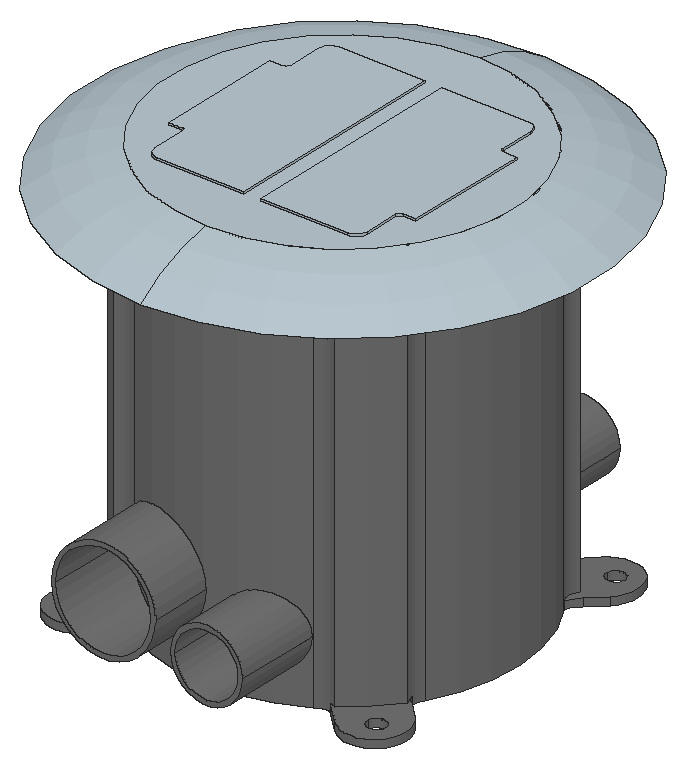
Revit family "Electrical_Equipment-Floor_Box-Hubbell_Wiring-System_One-S1PFB", category Electrical Fixtures, host Face, Revit 2015
Parameters (values of type "Non-Metallic")
  Voltage = 120 V
  URL = "http://www.hubbell-wiring.com/"
  Subplate = Subplate : Abandonment Plate
  Product data url = "https://bimobject.com/hubbellwiring/product/systemone-s1pfb"
  Product Page URL = "http://ecatalog.hubbell-wiring.com/ProductInformation/ViewCatalog.aspx?Dest=hubbell-wiring.com/press/catalog/m.pdf"
  Product Documentation Link = "http://ecatalog.hubbell-wiring.com/ProductInformation/ViewCatalog.aspx?Dest=hubbell-wiring.com/press/catalog/m.pdf"
  Power Factor = 1
  Number of Poles = 1
  Model = "S1PFB"
  Manufacturer = "Hubbell-Wiring"  # constant formula
  Load Classification = Power
  Hardware Material = Metal-Hubbell-Non-Metallic
  Electrical Connector Description = "Power Connector"
  Description = "System One - 4\" Floor Box"
  Default Elevation = 0' - 0"
  Cover Material = Metal-Hubbell-Aluminum
  Conduit Connector 4 Description = "Data Conduit Connector 2"
  Conduit Connector 3 Description = "Data Conduit Connector 1"
  Conduit Connector 2 Description = "Power Conduit Connector 2"
  Conduit Connector 1 Description = "Power Conduit Connector 1"
  Assembly Code = "D5020115"
  Apparent Load = 4800 VA
Reference planes (in)
  plane 1 "Center (Front/Back)": y = 0
  plane 2: z = 0
  plane 3 "Center (Left/Right)": x = 0
  plane 4: y = 4
  plane 5: y = -4
Forms (in)
  Extrusion 1, solid, detail levels coarse
    sketch origin (0, 0, 0) x (1, 0, 0) y (0, 1, 0)
      loop
        circle (0, 0) r 4
    from 0.57962 to -5.96
Lines and regions (in)
  symbolic lines
    curve 1: circle (0, 0, 0) r 4 normal (0, 0, 1)
  symbolic lines, detail levels coarse
    curve 2: line (0, 4, 0.57962) -> (0, 4, -5.96)
    curve 3: line (0, 4, 0.57962) -> (0, -4, 0.57962)
    curve 4: line (0, -4, -5.96) -> (0, 4, -5.96)
    curve 5: line (0, -4, 0.57962) -> (0, -4, -5.96)
    curve 6: line (4, 0, 0.57962) -> (-4, 0, 0.57962)
    curve 7: line (4, 0, -5.96) -> (4, 0, 0.57962)
    curve 8: line (-4, 0, -5.96) -> (4, 0, -5.96)
    curve 9: line (-4, 0, 0.57962) -> (-4, 0, -5.96)
Dimensions and locks (in)
  aligned and locked: plane 2 to host face
  aligned and locked: level to host face
  aligned and locked: Extrusion 1 sketch curve to curve 1
  aligned and locked: curve 3 to Extrusion 1
  aligned and locked: curve 4 to Extrusion 1
  aligned and locked: curve 6 to Extrusion 1
  aligned and locked: curve 7 to Extrusion 1
  aligned and locked: curve 8 to Extrusion 1
  aligned and locked: curve 9 to Extrusion 1
  aligned and locked: level to nested 1
  aligned and locked: plane 1 "Center (Front/Back)" to nested 1
  aligned and locked: plane 3 "Center (Left/Right)" to nested 1
  aligned and locked: level to nested 2
  aligned and locked: plane 1 "Center (Front/Back)" to nested 2
  aligned and locked: Extrusion 1 to nested 2
  aligned and locked: Extrusion 1 to nested 1
  aligned and locked: plane 3 "Center (Left/Right)" to nested 2
  aligned and locked: curve 5 to plane 5
Nested families (in)
  nested 1: "Poke Through Cover" at (0, 0, 0), type "6Cover", detail levels medium+fine
  nested 2: "Floor Box" at (0, 0, -5.96), type "Floor Box", detail levels medium+fine
Connectors (in)
  cabletrayconduit at (-0.8198, -3.71661, -4.62), diameter 1.5, driven by "Conduit Connector 3 Description"
    settings: on nested 2, index 1, connector width 1' - 0", connector height 1' - 0", connector angle 0.00°, system type 32, placement type 0, profile type 0, connector reference index -1, is primary connector yes, connector utility param no, connector description "Data Conduit Connector 1"
  cabletrayconduit at (0.81574, -3.71661, -4.96), diameter 1, driven by "Conduit Connector 1 Description"
    settings: on nested 2, index 2, connector width 1' - 0", connector height 1' - 0", connector angle 0.00°, system type 32, placement type 0, profile type 0, connector reference index -1, is primary connector no, connector utility param no, connector description "Power Conduit Connector 1"
  cabletrayconduit at (0.81574, 3.75154, -4.96), diameter 1, driven by "Conduit Connector 2 Description"
    settings: on nested 2, index 3, connector width 1' - 0", connector height 1' - 0", connector angle 0.00°, system type 32, placement type 0, profile type 0, connector reference index -1, is primary connector no, connector utility param no, connector description "Power Conduit Connector 2"
  cabletrayconduit at (-0.8198, 3.75154, -4.62), diameter 1.5, driven by "Conduit Connector 4 Description"
    settings: on nested 2, index 4, connector width 1' - 0", connector height 1' - 0", connector angle 0.00°, system type 32, placement type 0, profile type 0, connector reference index -1, is primary connector no, connector utility param no, connector description "Data Conduit Connector 2"
  electrical at (0.00503, 0.02044, -5.96), driven by "Number of Poles", driven by "Load Classification", driven by "Voltage", driven by "Apparent Load", driven by "Power Factor", driven by "Electrical Connector Description"
    settings: on nested 2, index 5, voltage 120 V, apparent load 0 VA, apparent load phase1 4800 VA, apparent load phase2 0 VA, apparent load phase3 0 VA, power factor 1, load classification "Power", number of poles 1, system type 31, power factor state 1, is connector primary yes, connector utility no, sub classification motor no, connector description "Power Connector"
Definition of nested family "Poke Through Cover"
  Parameters
    Cover Material = none
    Assembly Code = ""
  Reference planes (in)
    plane 1 "Center (Front/Back)": y = 0
    plane 2: z = 0
    plane 3 "Center (Left/Right)": x = 0
    plane 4: z = -1.15491
    plane 5: z = 0.55
    plane 6: y = 3.45
  Forms (in)
    Revolve 1, solid, material <- "Cover Material", detail levels medium+fine
      sketch origin (0, 0, 0) x (0, 1, 0) y (0, 0, 1)
        loop
          arc (4, 0) -> (3.39097, 0.35613) -> (2.71262, 0.55) r 2.82079
          line (2.71262, 0.55) -> (2.71262, -0.5) -> (2.83302, -0.5) -> (2.83302, 0) -> (4, 0)
        axis (0, 0.55) -> (0, -0.5)
      angle from 0 to 360
    Extrusion 2, solid, material <- "Cover Material", detail levels medium+fine
      sketch origin (0, 0, 0) x (1, 0, 0) y (0, 1, 0)
        loop
          circle (0, 0) r 2.71262
      from 0 to 0.55
    Extrusion 3, solid, material <- "Cover Material", detail levels medium+fine
      sketch origin (0, 0, 0) x (1, 0, 0) y (0, 1, 0)
        loop
          arc (-1.68265, 1.06374) -> (-1.70167, 1.01867) -> (-1.74674, 0.99993) r 0.06374
          line (-1.74674, 0.99993) -> (-1.953, 0.99993) -> (-1.953, -1) -> (-1.74674, -1)
          arc (-1.74674, -1) -> (-1.70167, -1.01867) -> (-1.683, -1.06374) r 0.06374
          line (-1.683, -1.06374) -> (-1.68265, -1.61444)
          arc (-1.68265, -1.61444) -> (-1.63367, -1.73808) -> (-1.51331, -1.79465) r 0.18056
          line (-1.51331, -1.79465) -> (-0.133, -1.79465) -> (-0.133, 1.795) -> (-1.50209, 1.795)
          arc (-1.50209, 1.795) -> (-1.62977, 1.74211) -> (-1.68265, 1.61444) r 0.18056
          line (-1.68265, 1.61444) -> (-1.68265, 1.06374)
      from 0.55 to 0.57962
    Extrusion 4, solid, material <- "Cover Material", detail levels medium+fine
      sketch origin (0, 0, 0) x (-1, 0, 0) y (0, -1, 0)
        loop
          line (-1.68265, -1.06374) -> (-1.68265, -1.61444)
          arc (-1.68265, -1.61444) -> (-1.62977, -1.74211) -> (-1.50209, -1.795) r 0.18056
          line (-1.50209, -1.795) -> (-0.133, -1.795) -> (-0.133, 1.79465) -> (-1.51331, 1.79465)
          arc (-1.51331, 1.79465) -> (-1.63367, 1.73808) -> (-1.68265, 1.61444) r 0.18056
          line (-1.68265, 1.61444) -> (-1.683, 1.06374)
          arc (-1.683, 1.06374) -> (-1.70167, 1.01867) -> (-1.74674, 1) r 0.06374
          line (-1.74674, 1) -> (-1.953, 1) -> (-1.953, -0.99993) -> (-1.74674, -0.99993)
          arc (-1.74674, -0.99993) -> (-1.70167, -1.01867) -> (-1.68265, -1.06374) r 0.06374
      from 0.55 to 0.57962
  Cuts and joins
    joined: Revolve 1, Extrusion 2
  Lines and regions (in)
    Masking region 1
      outline origin (0, 0, 0) x (1, 0, 0) y (0, 1, 0)
        loop
          circle (0, 0) r 4
    symbolic lines, detail levels medium+fine
      curve 1: circle (0, 0, 0) r 2.71262 normal (0, 0, 1)
    symbolic lines, detail levels fine
      curve 2: line (-1.68265, 1.61444, 0) -> (-1.68265, 1.06374, 0)
      curve 3: arc (-1.683, 1.06374, 0) -> (-1.70167, 1.01867, 0) -> (-1.74674, 1, 0) r 0.06374
      curve 4: line (-1.74674, 0.99993, 0) -> (-1.953, 0.99993, 0)
      curve 5: line (-1.953, 0.99993, 0) -> (-1.953, -1, 0)
      curve 6: line (-1.953, -1, 0) -> (-1.74674, -1, 0)
      curve 7: arc (-1.74674, -1, 0) -> (-1.70167, -1.01867, 0) -> (-1.683, -1.06374, 0) r 0.06374
      curve 8: line (-1.683, -1.06374, 0) -> (-1.683, -1.61444, 0)
      curve 9: arc (-1.68265, -1.61444, 0) -> (-1.63367, -1.73808, 0) -> (-1.51331, -1.79465, 0) r 0.18056
      curve 10: line (-1.51331, -1.79465, 0) -> (-0.133, -1.79465, 0)
      curve 11: line (-0.133, -1.79465, 0) -> (-0.133, 1.795, 0)
      curve 12: line (-0.133, 1.795, 0) -> (-1.50209, 1.795, 0)
      curve 13: arc (-1.50209, 1.795, 0) -> (-1.62977, 1.74211, 0) -> (-1.68265, 1.61444, 0) r 0.18056
      curve 14: line (1.50209, 1.795, 0) -> (0.133, 1.795, 0)
      curve 15: line (0.133, 1.795, 0) -> (0.133, -1.79465, 0)
      curve 16: line (0.133, -1.79465, 0) -> (1.51331, -1.79465, 0)
      curve 17: arc (1.51331, -1.79465, 0) -> (1.63367, -1.73808, 0) -> (1.68265, -1.61444, 0) r 0.18056
      curve 18: line (1.683, -1.61444, 0) -> (1.683, -1.06374, 0)
      curve 19: arc (1.683, -1.06374, 0) -> (1.70167, -1.01867, 0) -> (1.74674, -1, 0) r 0.06374
      curve 20: line (1.74674, -1, 0) -> (1.953, -1, 0)
      curve 21: line (1.953, -1, 0) -> (1.953, 0.99993, 0)
      curve 22: line (1.953, 0.99993, 0) -> (1.74674, 0.99993, 0)
      curve 23: arc (1.74674, 1, 0) -> (1.70167, 1.01867, 0) -> (1.683, 1.06374, 0) r 0.06374
      curve 24: line (1.68265, 1.06374, 0) -> (1.68265, 1.61444, 0)
      curve 25: arc (1.68265, 1.61444, 0) -> (1.62977, 1.74211, 0) -> (1.50209, 1.795, 0) r 0.18056
  Dimensions and locks (in)
    plane 5 to level = 0' - 0.55"
    aligned and locked: plane 2 to level
    aligned and locked: Masking region 1 sketch curve to cut or joined group of Revolve 1, Extrusion 2
Definition of nested family "Floor Box"
  Parameters
    Hardware Material = none
    Assembly Code = ""
  Reference planes (in)
    plane 1 "Center (Front/Back)": y = 0
    plane 2: z = 0
    plane 3 "Center (Left/Right)": x = 0
    plane 4: z = 1
    plane 5: z = 1.34
  Forms (in)
    Extrusion 1, solid, material <- "Hardware Material", detail levels medium+fine
      sketch origin (0.10489, 0, 0) x (1, 0, 0) y (0, 1, 0)
        loop
          line (-2.77179, 1.97743) -> (-2.52176, 1.7274)
          spline (-2.52176, 1.7274) -> (-2.50668, 1.71473) -> (-2.49233, 1.70139) -> (-2.47873, 1.68742) -> (-2.4659, 1.67283) -> (-2.45387, 1.65766) -> (-2.44266, 1.64193) -> (-2.4323, 1.62568) -> (-2.4228, 1.60894) -> (-2.41419, 1.59173) -> (-2.40648, 1.57411) -> (-2.39969, 1.55609) -> (-2.39382, 1.53771)
          arc (-2.39382, 1.53771) -> (-2.36469, 1.68631) -> (-2.3879, 1.83595) r 0.438
          arc (-2.3879, 1.83595) -> (-2.16829, 2.08086) -> (-1.92338, 2.30048) r 3.02406
          arc (-1.92338, 2.30048) -> (-1.7907, 2.27726) -> (-1.65725, 2.29545) r 0.438
          arc (-1.65725, 2.29545) -> (-1.71249, 2.33669) -> (-1.76353, 2.38304) r 0.71734
          line (-1.76353, 2.38304) -> (-2.06486, 2.68437)
          arc (-2.06486, 2.68437) -> (-2.77179, 2.68437) -> (-2.77179, 1.97743) r 0.49988
        loop
          circle (-2.50855, 2.40483) r 0.14746
        loop
          arc (2.562, 1.97743) -> (2.562, 2.68437) -> (1.85507, 2.68437) r 0.49988
          line (1.85507, 2.68437) -> (1.55374, 2.38304)
          arc (1.55374, 2.38304) -> (1.50271, 2.33669) -> (1.44746, 2.29545) r 0.71734
          arc (1.44746, 2.29545) -> (1.58091, 2.27726) -> (1.71359, 2.30048) r 0.438
          arc (1.71359, 2.30048) -> (1.9585, 2.08086) -> (2.17811, 1.83595) r 3.02406
          arc (2.17811, 1.83595) -> (2.13448, 1.68059) -> (2.18084, 1.52601) r 0.2894
          spline (2.18084, 1.52601) -> (2.18641, 1.54556) -> (2.19303, 1.56473) -> (2.20066, 1.58349) -> (2.20931, 1.60179) -> (2.21893, 1.6196) -> (2.22953, 1.63688) -> (2.24107, 1.65359) -> (2.25353, 1.6697) -> (2.26687, 1.68517) -> (2.28108, 1.69996) -> (2.29613, 1.71405) -> (2.31197, 1.7274)
          line (2.31197, 1.7274) -> (2.562, 1.97743)
        loop
          circle (2.29877, 2.40483) r 0.14746
        loop
          arc (-2.77179, -1.94249) -> (-2.77179, -2.64943) -> (-2.06486, -2.64943) r 0.49988
          line (-2.06486, -2.64943) -> (-1.76353, -2.3481)
          arc (-1.76353, -2.3481) -> (-1.71249, -2.30175) -> (-1.65725, -2.26051) r 0.71734
          arc (-1.65725, -2.26051) -> (-1.7907, -2.24232) -> (-1.92338, -2.26554) r 0.438
          arc (-1.92338, -2.26554) -> (-2.16829, -2.04593) -> (-2.3879, -1.80101) r 3.02406
          arc (-2.3879, -1.80101) -> (-2.36469, -1.65137) -> (-2.39382, -1.50277) r 0.438
          spline (-2.39382, -1.50277) -> (-2.39969, -1.52115) -> (-2.40648, -1.53917) -> (-2.41419, -1.5568) -> (-2.4228, -1.574) -> (-2.4323, -1.59074) -> (-2.44266, -1.60699) -> (-2.45387, -1.62272) -> (-2.4659, -1.63789) -> (-2.47873, -1.65248) -> (-2.49233, -1.66645) -> (-2.50668, -1.67979) -> (-2.52176, -1.69246)
          line (-2.52176, -1.69246) -> (-2.77179, -1.94249)
        loop
          circle (-2.50855, -2.36989) r 0.14746
        loop
          line (2.57962, -1.92474) -> (2.32958, -1.6747)
          spline (2.32958, -1.6747) -> (2.31892, -1.66587) -> (2.30861, -1.65671) -> (2.29867, -1.64723) -> (2.28909, -1.63744) -> (2.27989, -1.62733) -> (2.27108, -1.61694) -> (2.26267, -1.60626) -> (2.25467, -1.5953) -> (2.24707, -1.58408) -> (2.2399, -1.57261) -> (2.23315, -1.56089) -> (2.22684, -1.54894)
          arc (2.22684, -1.54894) -> (2.24128, -1.61726) -> (2.26958, -1.6811) r 0.33489
          arc (2.26958, -1.6811) -> (1.97611, -2.02817) -> (1.63395, -2.32733) r 3.02406
          arc (1.63395, -2.32733) -> (1.58164, -2.30316) -> (1.52588, -2.28862) r 0.32476
          arc (1.52588, -2.28862) -> (1.54906, -2.30899) -> (1.57135, -2.33034) r 0.71734
          line (1.57135, -2.33034) -> (1.87268, -2.63167)
          arc (1.87268, -2.63167) -> (2.57962, -2.63167) -> (2.57962, -1.92474) r 0.49988
        loop
          circle (2.31638, -2.35213) r 0.14746
      from 0 to 0.125
    Extrusion 2, solid, material <- "Hardware Material", detail levels medium+fine
      sketch origin (0.10489, 0, 2.96) x (1, 0, 0) y (0, 1, 0)
        loop
          arc (1.34136, 2.34323) -> (-0.10489, 2.75623) -> (-1.55114, 2.34323) r 2.73876
          arc (-1.55114, 2.34323) -> (-1.73246, 2.28004) -> (-1.92338, 2.30048) r 0.438
          arc (-1.92338, 2.30048) -> (-2.16829, 2.08086) -> (-2.3879, 1.83595) r 3.02406
          arc (-2.3879, 1.83595) -> (-2.36746, 1.64503) -> (-2.43065, 1.46372) r 0.438
          arc (-2.43065, 1.46372) -> (-2.84365, 0.01747) -> (-2.43065, -1.42878) r 2.73876
          arc (-2.43065, -1.42878) -> (-2.36746, -1.61009) -> (-2.3879, -1.80101) r 0.438
          arc (-2.3879, -1.80101) -> (-2.16829, -2.04593) -> (-1.92338, -2.26554) r 3.02406
          arc (-1.92338, -2.26554) -> (-1.73246, -2.2451) -> (-1.55114, -2.30829) r 0.438
          arc (-1.55114, -2.30829) -> (-0.12932, -2.72118) -> (1.29965, -2.33371) r 2.73876
          arc (1.29965, -2.33371) -> (1.46591, -2.2842) -> (1.63395, -2.32733) r 0.32476
          arc (1.63395, -2.32733) -> (1.97611, -2.02817) -> (2.26958, -1.6811) r 3.02406
          arc (2.26958, -1.6811) -> (2.22504, -1.51421) -> (2.26958, -1.34733) r 0.33489
          arc (2.26958, -1.34733) -> (2.63271, 0.09692) -> (2.18643, 1.51768) r 2.73876
          arc (2.18643, 1.51768) -> (2.13457, 1.67557) -> (2.17811, 1.83595) r 0.2894
          arc (2.17811, 1.83595) -> (1.9585, 2.08086) -> (1.71359, 2.30048) r 3.02406
          arc (1.71359, 2.30048) -> (1.52267, 2.28004) -> (1.34136, 2.34323) r 0.438
        loop
          line (-1.64974, 1.91578) -> (-1.49193, 1.75797)
          spline (-1.49193, 1.75797) -> (-1.4867, 1.75211) -> (-1.48229, 1.74561) -> (-1.47879, 1.7386) -> (-1.47624, 1.73118) -> (-1.47471, 1.7235) -> (-1.4742, 1.71567) -> (-1.47474, 1.70785) -> (-1.4763, 1.70016) -> (-1.47888, 1.69273) -> (-1.48241, 1.6857) -> (-1.48684, 1.67919) -> (-1.49209, 1.6733)
          line (-1.49209, 1.6733) -> (-1.76442, 1.40098)
          arc (-1.76442, 1.40098) -> (-1.80314, 1.38494) -> (-1.84187, 1.40098) r 0.05477
          line (-1.84187, 1.40098) -> (-2.00041, 1.55952)
          arc (-2.00041, 1.55952) -> (-2.54843, 0.01747) -> (-2.00041, -1.52458) r 2.44354
          line (-2.00041, -1.52458) -> (-1.86657, -1.39074)
          arc (-1.86657, -1.39074) -> (-1.82416, -1.37317) -> (-1.78174, -1.39074) r 0.05999
          line (-1.78174, -1.39074) -> (-1.51311, -1.65938)
          arc (-1.51311, -1.65938) -> (-1.49554, -1.70179) -> (-1.51311, -1.74421) r 0.05999
          line (-1.51311, -1.74421) -> (-1.64694, -1.87804)
          arc (-1.64694, -1.87804) -> (-0.87341, -2.30207) -> (0.00027, -2.4238) r 2.44354
          line (0.00027, -2.4238) -> (0.00971, 2.46226)
          arc (0.00971, 2.46226) -> (-0.87044, 2.34213) -> (-1.64974, 1.91578) r 2.44747
        loop
          line (0.07998, 2.45795) -> (0.07998, -2.42301)
          arc (0.07998, -2.42301) -> (0.81311, -2.25132) -> (1.45935, -1.86489) r 2.44747
          line (1.45935, -1.86489) -> (1.31753, -1.72308) -> (1.72402, -1.31659) -> (1.85541, -1.44791)
          arc (1.85541, -1.44791) -> (2.34206, 0.06786) -> (1.79342, 1.56231) r 2.44747
          line (1.79342, 1.56231) -> (1.63561, 1.40451)
          spline (1.63561, 1.40451) -> (1.62973, 1.39939) -> (1.62322, 1.39508) -> (1.6162, 1.39165) -> (1.60879, 1.38916) -> (1.60112, 1.38766) -> (1.59331, 1.38717) -> (1.5855, 1.38769) -> (1.57782, 1.38922) -> (1.5704, 1.39174) -> (1.56337, 1.39519) -> (1.55684, 1.39953) -> (1.55094, 1.40467)
          line (1.55094, 1.40467) -> (1.28231, 1.6733)
          spline (1.28231, 1.6733) -> (1.27704, 1.6792) -> (1.2726, 1.68573) -> (1.26907, 1.69278) -> (1.2665, 1.70023) -> (1.26494, 1.70794) -> (1.26441, 1.71579) -> (1.26494, 1.72363) -> (1.2665, 1.73133) -> (1.26907, 1.73876) -> (1.2726, 1.74578) -> (1.27704, 1.75228) -> (1.28231, 1.75814)
          line (1.28231, 1.75814) -> (1.43991, 1.91581)
          arc (1.43991, 1.91581) -> (0.80143, 2.29095) -> (0.07998, 2.45795) r 2.44747
      from -2.96 to 3
    Extrusion 3, solid, material <- "Hardware Material", detail levels medium+fine
      sketch origin (0.10489, 0, 0) x (1, 0, 0) y (0, 0, 1)
        loop
          circle (0.71085, 1) r 0.5
        loop
          circle (-0.92469, 1.34) r 0.75
        loop
          circle (-0.92469, 1.34) r 0.82105
        loop
          circle (0.71085, 1) r 0.56929
      from 2.26554 to 3.71661
    Extrusion 4, solid, material <- "Hardware Material", detail levels medium+fine
      sketch origin (0.10489, 0.03494, 0) x (1, 0, 0) y (0, 0, -1)
        loop
          circle (0.71085, -1) r 0.5
        loop
          circle (-0.92469, -1.34) r 0.75
        loop
          circle (-0.92469, -1.34) r 0.82105
        loop
          circle (0.71085, -1) r 0.56929
      from 2.216 to 3.71661
  Cuts and joins
    joined: Extrusion 1, Extrusion 2, Extrusion 3, Extrusion 4
  Dimensions and locks (in)
    plane 4 to plane 2 = 0' - 1"
    plane 5 to plane 2 = 0' - 1.34"
    aligned and locked: plane 2 to level
    aligned and locked: Extrusion 2 to level
    aligned and locked: Extrusion 4 sketch curve to Extrusion 3  (x2)
    aligned and locked: Extrusion 3 to Extrusion 2
